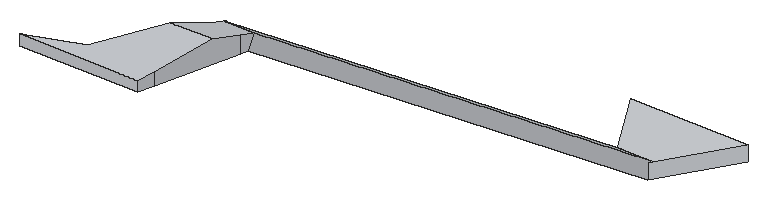
Revit family "Водосброс2Укл", category Обобщенные модели, Revit 2018
Family settings
  Может служить основой для арматурных стержней = Нет
  Размер круглого соединителя = Использовать диаметр
  Тип детали = Нормальный
  На основе рабочей плоскости = Нет
  Всегда вертикально = Да
  При загрузке вырезать с полостями = Нет
  Общий = Нет
  Точка расчета площади = Нет
Parameters
  ТипРаструба [instance] = 0
  ЛотокШирина = 600 mm
  УклонОтКПЧ = -0.17
  Уклон2 [instance] = -0.67
  Уклон1 [instance] = -0.04
  Угол2 [instance] = abs(atan(Уклон2))  # 33.8221°
  Превышение2 [instance] = abs(Длина2 * Уклон2)  # 6901 mm
  Превышение1 [instance] = abs(Длина1 * Уклон1)  # 100 mm
  НижнЧастьПоложен [instance] = ЗаглублениеЛоткаВОткос / sin(Угол2)  # 359.314 mm
  ЗаглублениеЛоткаВОткос = 200 mm
  Длина2 [instance] = 10300 mm
  Длина1 [instance] = 2500 mm
  ЛотокВысота = 300 mm
  z [instance] = e / cos(phi)  # 391.747 mm
  x1 [instance] = (-b + sqrt(D)) / (2 * a)  # 0.2745
  teta [instance] = 2 * atan(x1)  # 30.6994°
  psi [instance] = 90.00° - gamma  # 82.6426°
  phi [instance] = omega - teta  # 35.1266°
  omega [instance] = 180.00° - delta - psi  # 65.826°
  l2 [instance] = e * tan(phi)  # 225.405 mm
  l1 [instance] = cos(gamma) * d  # 2481.399 mm
  gamma [instance] = eta - beta  # 7.35744°
  eta [instance] = abs(atan(УклонОтКПЧ))  # 9.64805°
  e [instance] = d * sin(gamma)  # 320.403 mm
  delta [instance] = Угол2 - beta  # 31.5315°
  d [instance] = Длина1 / cos(beta)  # 2501.999 mm
  c [instance] = -a  # -81.9019
  beta [instance] = abs(atan(Уклон1))  # 2.29061°
  b [instance] = 2 * (e - ЗаглублениеЛоткаВОткос * sin(omega)) / 1 mm  # 275.884
  a [instance] = ЗаглублениеЛоткаВОткос * cos(omega) / 1 mm  # 81.9019
  Y [instance] = L * sin(eta)  # 453.648 mm
  X [instance] = L * cos(eta)  # 2668.519 mm
  L [instance] = l1 + l2  # 2706.804 mm
  D [instance] = b ^ 2 - 4 * a * c  # 102943.6944
Reference planes
  plane 1 "По центру (Вперед/Назад)": y = 0
  plane 2: z = 0
  plane 3 "По центру (Влево/Вправо)": x = 0
  plane 4: y = 2500
  plane 5: y = 12800
  plane 6: z = -100
  plane 7 "Подошва": z = -7001
  plane 8: z = -453.648
  plane 9: y = 2668.519
  plane 10: y = 12440.686
Lines and regions (mm)
  reference lines
    curve 1: line (0, 0, 0) -> (0, 2500, -100)
    curve 2: line (0, 2500, -100) -> (0, 12800, -7001)
    curve 5: line (0, 12440.686, -7001) -> (-1000, 12440.686, -7001)
  reference lines, style "Лоток"
    curve 3: line (0, 0, 0) -> (0, 2668.519, -453.648)
    curve 4: line (0, 2668.519, -453.648) -> (0, 12440.686, -7001)
Dimensions and locks
  "Длина1": plane 1 "По центру (Вперед/Назад)" to plane 4
  "Длина2": plane 4 to plane 5
  "Превышение1": level to plane 6
  "Превышение2": plane 6 to plane 7 "Подошва"
  "X": plane 1 "По центру (Вперед/Назад)" to plane 9
  "Y": plane 2 to plane 8
  curve 3 to curve 2 = 200 mm
  "НижнЧастьПоложен": plane 10 to plane 5
  "Угол2": angle curve 4 to plane 8
  aligned and locked: level to plane 2
  aligned and locked: plane 2 to curve 3
  aligned and locked: plane 1 "По центру (Вперед/Назад)" to curve 3
  aligned and locked: plane 8 to curve 3
  aligned and locked: plane 9 to curve 4
  aligned and locked: curve 4 to plane 7 "Подошва"
  aligned and locked: nested 1 to curve 5
  aligned and locked: nested 2 to plane 1 "По центру (Вперед/Назад)"
  aligned and locked: plane 3 "По центру (Влево/Вправо)" to nested 2
  aligned and locked: plane 3 "По центру (Влево/Вправо)" to nested 3
  aligned and locked: plane 10 to nested 3
Automatic sketch dimensions
  curve 5 to curve 4 = 0 mm  (x2)
  curve 5 to curve 4 = 1000 mm
  curve 2 to plane 4 = 0 mm
  curve 2 to plane 5 = 0 mm
  plane 7 "Подошва" to curve 2 = 0 mm
Nested families
  nested 1: "ОткоснЧасть_1" at (0, 2668.519, -453.648) x (0, 0.8308, -0.5566) z (0, 0.5566, 0.8308), type "ОткоснЧасть_1"
    with built-in parameter 1001306 38.592 (stored number, unit not read)
  nested 2: "ВерхЧасть_1" at (0, 0, 0), type "ВерхЧасть_1"
    with УклонОтКПЧ -0.17, УклонОбочины -0.04, Угол2 33.8221°, ТипРаструба 0, ПревышениеЛотка 453.648 mm, ОтступЗапас 437.944 mm, ОтступВерхЛотка 166.985 mm, ДлинаЛотка 2668.519 mm, ВысотаЛотка 300 mm, delta 18.0563°, #УширениеПравВнутр 0 mm, #УширениеПрав 0 mm
  nested 3: "НижЧасть_1" at (0, 12440.686, -7001), type "НижЧасть_1"
Definition of nested family "ОткоснЧасть_1"
  Parameters (values of type "ОткоснЧасть_1-1")
    ШиринаЛотка = 600 mm
    built-in parameter 1001306 [instance] = 1200 mm
    ВысотаЛотка = 300 mm
  Reference planes
    plane 1 "По центру (Вперед/Назад)": y = 0
    plane 2: z = 0
    plane 3 "Слева": x = 0
    plane 4 "Справа": x = 1200
    plane 5: z = 300
    plane 6: y = -300
    plane 7: y = 300
  Forms (mm)
    Extrusion 1, solid
      sketch origin (0, 0, 0) x (0, 1, 0) y (0, 0, 1)
        loop
          line (300, 300) -> (-300, 300) -> (-300, 0) -> (300, 0) -> (300, 300)
      from 0 to 1200
  Lines and regions (mm)
    reference lines
      curve 1: line (0, 0, 0) -> (1200, 0, 0)
  Dimensions and locks
    "built-in parameter 1001306": plane 3 "Слева" to plane 4 "Справа"
    equal spacing: plane 7, plane 1 "По центру (Вперед/Назад)", plane 6
    "ВысотаЛотка": plane 5 to plane 2
    "ШиринаЛотка": plane 7 to plane 6
    aligned and locked: plane 4 "Справа" to curve 1
    aligned and locked: plane 1 "По центру (Вперед/Назад)" to curve 1
    aligned and locked: plane 3 "Слева" to curve 1
    aligned and locked: level to plane 2
    aligned and locked: plane 4 "Справа" to Extrusion 1
    aligned and locked: Extrusion 1 to plane 3 "Слева"
    aligned and locked: Extrusion 1 sketch curve to plane 5
    aligned and locked: plane 7 to Extrusion 1 sketch curve
    aligned and locked: Extrusion 1 sketch curve to plane 6
  Automatic sketch dimensions
    Extrusion 1 sketch curve to level = 0 mm
Definition of nested family "ВерхЧасть_1"
  Parameters (values of type "ВерхЧасть_1")
    ШиринаМонолитногоБетона = 400 mm
    ШиринаЛотка = 600 mm
    УширениеПравВнутр = 710 mm
    УширениеПрав = 1710 mm
    УширениеЛевВнутр = 710 mm
    УширениеЛев = 1710 mm
    УклонОтКПЧ = 0.1
    УклонОбочины = 0.04
    Угол2 = 30.00°
    ТипРаструба = 2
    ПревышениеОбочины = abs(ДлинаОбочины * УклонОбочины)  # 100 mm
    ПревышениеЛотка = abs(ДлинаЛотка * УклонОтКПЧ)  # 260 mm
    ОтступСкосаНаПодключенииЛотка = 200 mm
    ОтступЗапас = (ВозвышениеУКПЧ + ПревышениеЛотка) * tan(Угол2)  # 265.581 mm
    ОтступВерхЛотка = ВысотаЛотка * sin(Угол2)  # 175 mm
    ДлинаЛотка = 2600 mm
    ДлинаОбочины = 2500 mm
    ВысотаЛотка = 350 mm
    ВозвышениеУКПЧ = 200 mm
    delta = (Угол2 - atan(УклонОбочины)) / 2  # 13.8547°
    #УширениеПравВнутр = if(not(ТипРаструба = 0), УширениеПравВнутр, 0 mm)  # 710 mm
    #УширениеПрав = if(not(ТипРаструба = 0), УширениеПрав, 0 mm)  # 1710 mm
    #УширениеЛевВнутр = if(not(ТипРаструба = 1), УширениеЛевВнутр, 0 mm)  # 710 mm
    #УширениеЛев = if(not(ТипРаструба = 1), УширениеЛев, 0 mm)  # 1710 mm
  Reference planes
    plane 1 "По центру (Вперед/Назад)": y = 0
    plane 2: z = 0
    plane 3 "По центру (Влево/Вправо)": x = 0
    plane 4: y = 2600
    plane 5: z = -260
    plane 6: x = -300
    plane 7: x = 300
    plane 8: y = 400
    plane 9: y = 2500
    plane 10: x = -2010
    plane 11: x = 2010
    plane 12: x = -1010
    plane 13: x = 1010
    plane 14: z = 200
    plane 15: z = 100
    plane 16: y = 2775
    plane 17: y = 2865.581
    plane 18: y = 2575
  Forms (mm)
    Extrusion 1, solid
      sketch origin (0, 0, 0) x (1, 0, 0) y (0, 1, 0)
        loop
          line (-2010, 0) -> (2010, 0) -> (1010, 400) -> (300, 2500) -> (300, 2865.581) -> (-300, 2865.581) -> (-300, 2500) -> (-1010, 400) -> (-2010, 0)
      from -260 to 200
    Extrusion 2, void
      sketch origin (0, 0, 0) x (0, 1, 0) y (0, 0, 1)
        loop
          line (0, 0) -> (0, -260) -> (2600, -260) -> (0, 0)
      from -2010 to 2010
    Extrusion 3, void
      sketch origin (0, 0, 0) x (0, 1, 0) y (0, 0, 1)
        loop
          line (2775, 43.109) -> (2600, -260) -> (2865.581, -260) -> (2865.581, 200) -> (0, 200) -> (2552.913, 97.883) -> (2775, 43.109)
      from -2010 to 2010
  Cuts and joins
    Extrusion 2, Extrusion 3 cuts Extrusion 1
  Lines and regions (mm)
    reference lines
      curve 1: line (0, 0, 0) -> (0, 2600, -260)
      curve 2: line (0, 2600, -260) -> (0, 3310, 969.756)
      curve 3: line (0, 0, 200) -> (0, 2500, 100)
      curve 4: line (0, 2775, 43.109) -> (0, 1648.749, 320.883)
  Dimensions and locks
    "ДлинаЛотка": plane 1 "По центру (Вперед/Назад)" to plane 4
    "ПревышениеЛотка": plane 2 to plane 5
    equal spacing: plane 6, plane 3 "По центру (Влево/Вправо)", plane 7
    "ШиринаЛотка": plane 6 to plane 7
    "ШиринаМонолитногоБетона": plane 1 "По центру (Вперед/Назад)" to plane 8
    "ДлинаОбочины": plane 1 "По центру (Вперед/Назад)" to plane 9
    "#УширениеЛев": plane 10 to plane 6
    "#УширениеПрав": plane 7 to plane 11
    "#УширениеЛевВнутр": plane 12 to plane 6
    "#УширениеПравВнутр": plane 7 to plane 13
    "ВозвышениеУКПЧ": plane 14 to plane 2
    "ПревышениеОбочины": plane 14 to plane 15
    "ОтступВерхЛотка": plane 4 to plane 16
    "ОтступЗапас": plane 4 to plane 17
    "ОтступСкосаНаПодключенииЛотка": plane 18 to plane 16
    "Угол2": angle curve 2 to plane 4
    "delta": angle curve 4 to plane 5
    aligned and locked: level to plane 2
    aligned and locked: plane 5 to curve 2
    aligned and locked: plane 4 to curve 2
    aligned and locked: plane 14 to Extrusion 1
    aligned and locked: Extrusion 1 to plane 5
    aligned and locked: Extrusion 2 sketch curve to curve 1
    aligned and locked: Extrusion 1 to Extrusion 2 sketch curve
    aligned and locked: Extrusion 2 sketch curve to Extrusion 1
    aligned and locked: plane 11 to Extrusion 2
    aligned and locked: Extrusion 2 to plane 10
    aligned and locked: Extrusion 1 sketch curve to plane 17
    aligned and locked: Extrusion 1 sketch curve to plane 7
    aligned and locked: plane 6 to Extrusion 1 sketch curve
    aligned and locked: Extrusion 1 sketch curve to plane 1 "По центру (Вперед/Назад)"
    aligned and locked: Extrusion 3 sketch curve to curve 4
    aligned and locked: Extrusion 3 sketch curve to curve 3
    aligned and locked: Extrusion 3 sketch curve to plane 14
    aligned and locked: Extrusion 3 sketch curve to plane 17
    aligned and locked: Extrusion 3 sketch curve to curve 2
    aligned and locked: Extrusion 3 sketch curve to plane 5
    aligned and locked: plane 11 to Extrusion 3
    aligned and locked: Extrusion 3 to plane 10
  Automatic sketch dimensions
    Extrusion 1 sketch curve to plane 10 = 0 mm
    Extrusion 1 sketch curve to plane 8 = 0 mm  (x2)
    Extrusion 1 sketch curve to plane 12 = 0 mm
    Extrusion 1 sketch curve to plane 13 = 0 mm
    Extrusion 1 sketch curve to plane 11 = 0 mm
    Extrusion 1 sketch curve to plane 9 = 0 mm  (x2)
    curve 3 to plane 1 "По центру (Вперед/Назад)" = 0 mm
    curve 1 to level = 0 mm
    curve 1 to plane 1 "По центру (Вперед/Назад)" = 0 mm
    curve 3 to plane 9 = 0 mm
    curve 4 to plane 16 = 0 mm
    curve 3 to plane 15 = 0 mm
    curve 3 to plane 14 = 0 mm
Definition of nested family "НижЧасть_1"
  Parameters (values of type "НижЧасть_1")
    ШиринаНаВыходе = 2280 mm
    ШиринаЛотка = 600 mm
    Default Elevation = 1219.2 mm
    Длина = 1400 mm
    ВысотаЛотка = 300 mm
  Reference planes
    plane 1 "По центру (Вперед/Назад)": y = 0
    plane 2: z = 0
    plane 3 "По центру (Влево/Вправо)": x = 0
    plane 4: y = 1400
    plane 5: x = 300
    plane 6: x = -300
    plane 7: x = -1140
    plane 8: x = 1140
    plane 9: z = 300
  Forms (mm)
    Extrusion 1, solid
      sketch origin (0, 0, 0) x (1, 0, 0) y (0, 1, 0)
        loop
          line (-1140, 1400) -> (-300, 0) -> (300, 0) -> (1140, 1400) -> (-1140, 1400)
      from 0 to 300
  Dimensions and locks
    equal spacing: plane 7, plane 3 "По центру (Влево/Вправо)", plane 8
    equal spacing: plane 6, plane 3 "По центру (Влево/Вправо)", plane 5
    "ШиринаЛотка": plane 6 to plane 5
    "ШиринаНаВыходе": plane 7 to plane 8
    "Длина": plane 1 "По центру (Вперед/Назад)" to plane 4
    "ВысотаЛотка": plane 9 to plane 2
    aligned and locked: level to plane 2
    aligned and locked: Extrusion 1 sketch curve to plane 4
    aligned and locked: Extrusion 1 sketch curve to plane 1 "По центру (Вперед/Назад)"
    aligned and locked: plane 9 to Extrusion 1
  Automatic sketch dimensions
    Extrusion 1 sketch curve to plane 7 = 0 mm
    Extrusion 1 sketch curve to plane 6 = 0 mm
    Extrusion 1 sketch curve to plane 5 = 0 mm
    plane 8 to Extrusion 1 sketch curve = 0 mm
